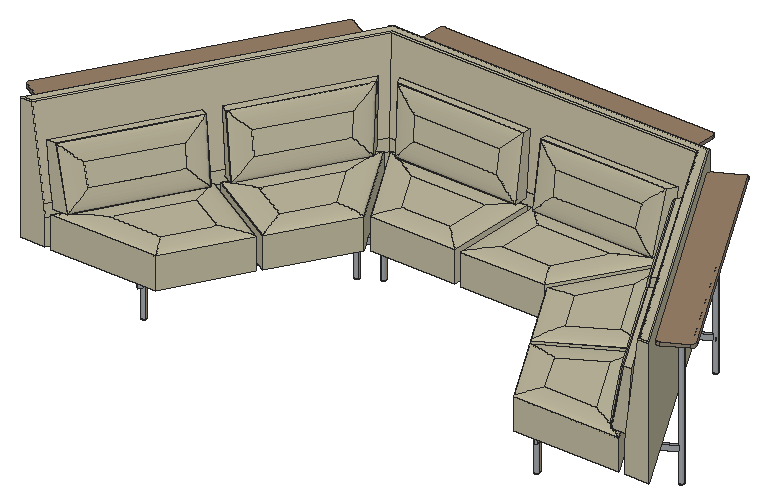
Revit family
Parameters
  URL = "http://www.martinbrattrud.com"
  Table Top [instance] = none
  SCS Certified Product = "Yes"
  Model = "Reveal 983-173 AS"
  Manufacturer = "Martin Brattrud, Inc."
  Leg = none
  Keynote = "125000"
  Copyright = "© 2013 Martin Brattrud, Inc."
  Chair [instance] = none
  Back Cushion [instance] = none
  Authoring Version = "Revit Architecture 2010"
  Assembly Code = "E2020200"
Reference planes
  plane 1 "Center Front/Back": y = 0
  plane 2: z = 0
  plane 3 "Center Left/Right": x = 0
  plane 4: z = 0
  plane 5: z = 1060.45
Forms (mm)
  Sweep 1, solid, material <- "Chair"
    path in 3D
      loop
        line (-19.05, -390.525, 431.8) -> (-19.05, 212.725, 431.8) -> (-926.137, 212.725, 431.8) -> (-577.85, -390.525, 431.8) -> (-19.05, -390.525, 431.8)
    profile origin (-298.45, -390.525, 431.8) x (0, 1, 0) y (0, 0, 1)
      loop
        line (153.194, 0) -> (153.194, 19.05)
        spline (153.194, 19.05) -> (133.302, 18.887) -> (113.75, 18.401) -> (94.873, 17.6) -> (76.994, 16.498) -> (60.419, 15.113) -> (45.431, 13.47) -> (32.287, 11.597) -> (21.211, 9.525) -> (12.395, 7.29) -> (5.987, 4.931) -> (2.098, 2.487) -> (0.794, 0)
        line (0.794, 0) -> (153.194, 0)
  Extrusion 2, void
    sketch origin (0, -938.609, 558.8) x (0, 1, 0) y (0, 0, 1)
      loop
        line (-471.831, 501.65) -> (-471.037, 501.65)
        arc (-471.037, 501.65) -> (-469.178, 506.14) -> (-464.687, 508) r 6.35
        line (-464.687, 508) -> (-464.687, 514.35) -> (-560.731, 514.35) -> (-560.731, -330.2) -> (-471.831, -330.2) -> (-471.831, 501.65)
    from -2133.6 to 2133.6
  Extrusion 3, solid, material <- "Leg"
    sketch origin (0, 0, 0) x (1, 0, 0) y (0, 1, 0)
      loop
        line (-603.25, 494.783) -> (-603.25, 146.05) -> (-909.639, 146.05) -> (-1062.833, -119.29) -> (-1365.293, 55.335) -> (-1374.818, 38.837) -> (-1072.358, -135.788) -> (-1656.558, -1147.652) -> (-1959.018, -973.027) -> (-1968.543, -989.525) -> (-1319.63, -1364.175) -> (-1333.917, -1388.922) -> (-1317.419, -1398.447) -> (-667.671, -273.05) -> (667.671, -273.05) -> (1317.419, -1398.447) -> (1333.917, -1388.922) -> (1319.63, -1364.175) -> (1968.543, -989.525) -> (1959.018, -973.027) -> (1656.558, -1147.652) -> (1072.358, -135.788) -> (1374.818, 38.837) -> (1365.293, 55.335) -> (1062.833, -119.29) -> (909.639, 146.05) -> (603.25, 146.05) -> (603.25, 494.783) -> (584.2, 494.783) -> (584.2, 146.05) -> (-584.2, 146.05) -> (-584.2, 494.783) -> (-603.25, 494.783)
      loop
        line (-584.2, -254) -> (-127, -254) -> (-127, 127) -> (-584.2, 127) -> (-584.2, -254)
      loop
        line (-603.25, -254) -> (-603.25, 127) -> (-898.64, 127) -> (-1046.335, -128.815) -> (-716.38, -319.315) -> (-678.67, -254) -> (-603.25, -254)
      loop
        line (-107.95, 127) -> (-107.95, -254) -> (107.95, -254) -> (107.95, 127) -> (-107.95, 127)
      loop
        line (584.2, -254) -> (584.2, 127) -> (127, 127) -> (127, -254) -> (584.2, -254)
      loop
        line (-725.905, -335.813) -> (-1055.86, -145.313) -> (-1284.46, -541.26) -> (-954.505, -731.76) -> (-725.905, -335.813)
      loop
        line (-1401.935, -744.733) -> (-1071.98, -935.233) -> (-964.03, -748.258) -> (-1293.985, -557.758) -> (-1401.935, -744.733)
      loop
        line (-1081.505, -951.731) -> (-1411.46, -761.231) -> (-1640.06, -1157.177) -> (-1310.105, -1347.677) -> (-1081.505, -951.731)
      loop
        line (603.25, -254) -> (678.67, -254) -> (716.38, -319.315) -> (1046.335, -128.815) -> (898.64, 127) -> (603.25, 127) -> (603.25, -254)
      loop
        line (725.905, -335.813) -> (954.505, -731.76) -> (1284.46, -541.26) -> (1055.86, -145.313) -> (725.905, -335.813)
      loop
        line (1401.935, -744.733) -> (1293.985, -557.758) -> (964.03, -748.258) -> (1071.98, -935.233) -> (1401.935, -744.733)
      loop
        line (1081.505, -951.731) -> (1310.105, -1347.677) -> (1640.06, -1157.177) -> (1411.46, -761.231) -> (1081.505, -951.731)
    from 190.472 to 228.6
  Extrusion 4, solid, material <- "Leg"
    sketch origin (0, 0, 0) x (1, 0, 0) y (0, 1, 0)
      loop
        line (-584.2, 276.225) -> (584.2, 276.225) -> (584.2, 352.425) -> (-584.2, 352.425) -> (-584.2, 276.225)
      loop
        line (-1769.293, -1082.565) -> (-1185.093, -70.701) -> (-1251.084, -32.601) -> (-1835.284, -1044.465) -> (-1769.293, -1082.565)
      loop
        line (1769.293, -1082.565) -> (1835.284, -1044.465) -> (1251.084, -32.601) -> (1185.093, -70.701) -> (1769.293, -1082.565)
    from 203.2 to 228.6
  Sweep 5, solid, material <- "Chair"
    path origin (0, 0, 0) x (1, 0, 0) y (0, 1, 0)
      loop
        line (2090.574, -1410.441) -> (1050.786, 390.525) -> (-1050.786, 390.525) -> (-2090.574, -1410.441)
    profile origin (0, 390.525, 0) x (0, -1, 0) y (0, 0, 1)
      loop
        line (0, 1060.45) -> (0, 228.6) -> (139.7, 228.6) -> (139.7, 401.904)
        arc (139.7, 401.904) -> (138.491, 441.381) -> (134.868, 480.71) r 645.001
        line (134.868, 480.71) -> (63.5, 1060.45) -> (0, 1060.45)
  Extrusion 6, solid, material <- "Chair"
    sketch origin (0, 0, 0) x (1, 0, 0) y (0, 1, 0)
      loop
        line (-1431.725, -624.881) -> (-1885.269, -1410.441) -> (-1188.696, -1410.441) -> (-909.296, -926.506) -> (-1431.725, -624.881)
      loop
        line (-610.846, -409.575) -> (-959.132, 193.675) -> (-1412.675, -591.885) -> (-890.246, -893.51) -> (-610.846, -409.575)
      loop
        line (-926.137, 212.725) -> (-577.85, -390.525) -> (-19.05, -390.525) -> (-19.05, 212.725) -> (-926.137, 212.725)
      loop
        line (1431.725, -624.881) -> (909.296, -926.506) -> (1188.696, -1410.441) -> (1885.269, -1410.441) -> (1431.725, -624.881)
      loop
        line (610.846, -409.575) -> (890.246, -893.51) -> (1412.675, -591.885) -> (959.132, 193.675) -> (610.846, -409.575)
      loop
        line (926.137, 212.725) -> (19.05, 212.725) -> (19.05, -390.525) -> (577.85, -390.525) -> (926.137, 212.725)
    from 228.6 to 431.8
  Extrusion 7, solid, material <- "Chair"
    sketch origin (0, 0, 0) x (1, 0, 0) y (0, 1, 0)
      loop
        line (-660.797, 59.531) -> (-489.404, -237.331) -> (-172.244, -237.331) -> (-172.244, 59.531) -> (-660.797, 59.531)
    from 431.8 to 450.85
  Sweep 8, solid, material <- "Chair"
    path in 3D
      loop
        line (19.05, -390.525, 431.8) -> (19.05, 212.725, 431.8) -> (926.137, 212.725, 431.8) -> (577.85, -390.525, 431.8) -> (19.05, -390.525, 431.8)
    profile origin (298.45, -390.525, 431.8) x (0, -1, 0) y (0, 0, 1)
      loop
        line (-153.194, 0) -> (-0.794, 0)
        spline (-0.794, 0) -> (-2.098, 2.487) -> (-5.987, 4.931) -> (-12.395, 7.29) -> (-21.211, 9.525) -> (-32.287, 11.597) -> (-45.431, 13.47) -> (-60.419, 15.113) -> (-76.994, 16.498) -> (-94.873, 17.6) -> (-113.75, 18.401) -> (-133.302, 18.887) -> (-153.194, 19.05)
        line (-153.194, 19.05) -> (-153.194, 0)
  Extrusion 9, solid, material <- "Chair"
    sketch origin (0, 0, 0) x (-1, 0, 0) y (0, -1, 0)
      loop
        line (-660.797, -59.531) -> (-172.244, -59.531) -> (-172.244, 237.331) -> (-489.404, 237.331) -> (-660.797, -59.531)
    from 431.8 to 450.85
  Sweep 10, solid, material <- "Chair"
    path in 3D
      loop
        line (-909.296, -926.506, 431.8) -> (-1431.725, -624.881, 431.8) -> (-1885.269, -1410.441, 431.8) -> (-1188.696, -1410.441, 431.8) -> (-909.296, -926.506, 431.8)
    profile origin (-1048.996, -1168.473, 431.8) x (-0.866025, 0.5, 0) y (0, 0, 1)
      loop
        line (153.194, 0) -> (153.194, 19.05)
        spline (153.194, 19.05) -> (133.302, 18.887) -> (113.75, 18.401) -> (94.873, 17.6) -> (76.994, 16.498) -> (60.419, 15.113) -> (45.431, 13.47) -> (32.287, 11.597) -> (21.211, 9.525) -> (12.395, 7.29) -> (5.987, 4.931) -> (2.098, 2.487) -> (0.794, 0)
        line (0.794, 0) -> (153.194, 0)
  Extrusion 11, solid, material <- "Chair"
    sketch origin (-1237.975, -714.745, 0) x (0.5, 0.866025, 0) y (-0.866025, 0.5, 0)
      loop
        line (-660.797, 59.531) -> (-489.404, -237.331) -> (-172.244, -237.331) -> (-172.244, 59.531) -> (-660.797, 59.531)
    from 431.8 to 450.85
  Sweep 12, solid, material <- "Chair"
    path in 3D
      loop
        line (-890.246, -893.51, 431.8) -> (-1412.675, -591.885, 431.8) -> (-959.132, 193.675, 431.8) -> (-610.846, -409.575, 431.8) -> (-890.246, -893.51, 431.8)
    profile origin (-750.546, -651.542, 431.8) x (0.866025, -0.5, 0) y (0, 0, 1)
      loop
        line (-153.194, 0) -> (-0.794, 0)
        spline (-0.794, 0) -> (-2.098, 2.487) -> (-5.987, 4.931) -> (-12.395, 7.29) -> (-21.211, 9.525) -> (-32.287, 11.597) -> (-45.431, 13.47) -> (-60.419, 15.113) -> (-76.994, 16.498) -> (-94.873, 17.6) -> (-113.75, 18.401) -> (-133.302, 18.887) -> (-153.194, 19.05)
        line (-153.194, 19.05) -> (-153.194, 0)
  Extrusion 13, solid, material <- "Chair"
    sketch origin (-1237.975, -714.745, 0) x (-0.5, -0.866025, 0) y (0.866025, -0.5, 0)
      loop
        line (-660.797, -59.531) -> (-172.244, -59.531) -> (-172.244, 237.331) -> (-489.404, 237.331) -> (-660.797, -59.531)
    from 431.8 to 450.85
  Sweep 14, solid, material <- "Chair"
    path in 3D
      loop
        line (909.296, -926.506, 431.8) -> (1431.725, -624.881, 431.8) -> (1885.269, -1410.441, 431.8) -> (1188.696, -1410.441, 431.8) -> (909.296, -926.506, 431.8)
    profile origin (1048.996, -1168.473, 431.8) x (-0.866025, -0.5, 0) y (0, 0, 1)
      loop
        line (-153.194, 0) -> (-0.794, 0)
        spline (-0.794, 0) -> (-2.098, 2.487) -> (-5.987, 4.931) -> (-12.395, 7.29) -> (-21.211, 9.525) -> (-32.287, 11.597) -> (-45.431, 13.47) -> (-60.419, 15.113) -> (-76.994, 16.498) -> (-94.873, 17.6) -> (-113.75, 18.401) -> (-133.302, 18.887) -> (-153.194, 19.05)
        line (-153.194, 19.05) -> (-153.194, 0)
  Extrusion 15, solid, material <- "Chair"
    sketch origin (1237.975, -714.745, 0) x (-0.5, 0.866025, 0) y (-0.866025, -0.5, 0)
      loop
        line (-660.797, -59.531) -> (-172.244, -59.531) -> (-172.244, 237.331) -> (-489.404, 237.331) -> (-660.797, -59.531)
    from 431.8 to 450.85
  Sweep 16, solid, material <- "Chair"
    path in 3D
      loop
        line (890.246, -893.51, 431.8) -> (1412.675, -591.885, 431.8) -> (959.132, 193.675, 431.8) -> (610.846, -409.575, 431.8) -> (890.246, -893.51, 431.8)
    profile origin (750.546, -651.542, 431.8) x (0.866025, 0.5, 0) y (0, 0, 1)
      loop
        line (153.194, 0) -> (153.194, 19.05)
        spline (153.194, 19.05) -> (133.302, 18.887) -> (113.75, 18.401) -> (94.873, 17.6) -> (76.994, 16.498) -> (60.419, 15.113) -> (45.431, 13.47) -> (32.287, 11.597) -> (21.211, 9.525) -> (12.395, 7.29) -> (5.987, 4.931) -> (2.098, 2.487) -> (0.794, 0)
        line (0.794, 0) -> (153.194, 0)
  Extrusion 17, solid, material <- "Chair"
    sketch origin (1237.975, -714.745, 0) x (0.5, -0.866025, 0) y (0.866025, 0.5, 0)
      loop
        line (-660.797, 59.531) -> (-489.404, -237.331) -> (-172.244, -237.331) -> (-172.244, 59.531) -> (-660.797, 59.531)
    from 431.8 to 450.85
  Sweep 18, solid, material <- "Chair"
    path origin (0, 0, 0) x (1, 0, 0) y (0, 1, 0)
      loop
        line (-1965.11, -1372.341) -> (-999.053, 300.919) -> (999.053, 300.919) -> (1965.11, -1372.341)
    profile origin (0, 300.919, 0) x (0, 1, 0) y (0, 0, 1)
      loop
        line (-48.848, 447.17) -> (-16.628, 844.552) -> (-67.428, 844.552) -> (-136.165, 447.17) -> (-48.848, 447.17)
  Extrusion 19, void
    sketch origin (0, 0, 0) x (1, 0, 0) y (0, 1, 0)
      loop
        line (-1527.154, -613.779) -> (-1401.282, -686.451) -> (-1344.132, -587.464) -> (-1470.004, -514.792) -> (-1527.154, -613.779)
      loop
        line (-930.152, 67.28) -> (-831.165, 124.43) -> (-950.632, 331.352) -> (-1049.618, 274.202) -> (-930.152, 67.28)
      loop
        line (-1797.28, -1372.341) -> (-1968.73, -1372.341) -> (-1968.73, -1467.591) -> (-1797.28, -1467.591) -> (-1797.28, -1372.341)
      loop
        line (1527.154, -613.779) -> (1470.004, -514.792) -> (1344.132, -587.464) -> (1401.282, -686.451) -> (1527.154, -613.779)
      loop
        line (930.152, 67.28) -> (1049.618, 274.202) -> (950.632, 331.352) -> (831.165, 124.43) -> (930.152, 67.28)
      loop
        line (1797.28, -1372.341) -> (1797.28, -1467.591) -> (1968.73, -1467.591) -> (1968.73, -1372.341) -> (1797.28, -1372.341)
      loop
        line (-57.15, 300.919) -> (-57.15, 155.575) -> (57.15, 155.575) -> (57.15, 300.919) -> (-57.15, 300.919)
    from 447.17 to 844.552
  Extrusion 20, solid, material <- "Table Top"
    sketch origin (0, 0, 0) x (1, 0, 0) y (0, 1, 0)
      loop
        line (-1331.241, 361.964) -> (-2217.066, -1172.33)
        arc (-2217.066, -1172.33) -> (-2219.603, -1191.604) -> (-2207.769, -1207.027) r 25.4
        line (-2207.769, -1207.027) -> (-2064.788, -1289.577)
        arc (-2064.788, -1289.577) -> (-2045.514, -1292.114) -> (-2030.091, -1280.28) r 25.4
        line (-2030.091, -1280.28) -> (-1144.266, 254.014)
        arc (-1144.266, 254.014) -> (-1141.728, 273.288) -> (-1153.563, 288.711) r 25.4
        line (-1153.563, 288.711) -> (-1296.544, 371.261)
        arc (-1296.544, 371.261) -> (-1315.818, 373.799) -> (-1331.241, 361.964) r 25.4
      loop
        line (885.825, 619.125) -> (-885.825, 619.125)
        arc (-885.825, 619.125) -> (-903.786, 611.686) -> (-911.225, 593.725) r 25.4
        line (-911.225, 593.725) -> (-911.225, 428.625)
        arc (-911.225, 428.625) -> (-903.786, 410.664) -> (-885.825, 403.225) r 25.4
        line (-885.825, 403.225) -> (885.825, 403.225)
        arc (885.825, 403.225) -> (903.786, 410.664) -> (911.225, 428.625) r 25.4
        line (911.225, 428.625) -> (911.225, 593.725)
        arc (911.225, 593.725) -> (903.786, 611.686) -> (885.825, 619.125) r 25.4
      loop
        line (2217.066, -1172.33) -> (1331.241, 361.964)
        arc (1331.241, 361.964) -> (1315.818, 373.799) -> (1296.544, 371.261) r 25.4
        line (1296.544, 371.261) -> (1153.563, 288.711)
        arc (1153.563, 288.711) -> (1141.728, 273.288) -> (1144.266, 254.014) r 25.4
        line (1144.266, 254.014) -> (2030.091, -1280.28)
        arc (2030.091, -1280.28) -> (2045.514, -1292.114) -> (2064.788, -1289.577) r 25.4
        line (2064.788, -1289.577) -> (2207.769, -1207.027)
        arc (2207.769, -1207.027) -> (2219.603, -1191.604) -> (2217.066, -1172.33) r 25.4
    from 990.6 to 1009.65
  Sweep 21, solid, material <- "Chair"
    path in 3D
      loop
        line (-894.132, 233.491, 844.552) -> (-854.447, 164.755, 447.17) -> (-57.15, 164.755, 447.17) -> (-57.15, 233.491, 844.552) -> (-894.132, 233.491, 844.552)
    profile origin (-475.641, 233.491, 844.552) x (0, -1, 0) y (0, 0, 1)
      loop
        line (0.135, -0.782) -> (25.975, -150.17) -> (41.618, -147.464) -> (37.424, -123.218)
        spline (37.424, -123.218) -> (34.465, -106.907) -> (31.289, -90.921) -> (27.95, -75.534) -> (24.505, -61.01) -> (21.014, -47.596) -> (17.536, -35.522) -> (14.131, -24.995) -> (10.857, -16.195) -> (7.769, -9.273) -> (4.921, -4.346) -> (2.362, -1.5) -> (0.135, -0.782)
  Sweep 22, solid, material <- "Chair"
    path in 3D
      loop
        line (209.55, 190.73, 597.34) -> (209.55, 175.088, 600.046)
    profile origin (209.55, 182.909, 598.693) x (0, -0.170442, -0.985368) y (1, 0, 0)
      loop
        line (0, 0) -> (0, 506.758) -> (-98.483, 516.449) -> (-98.483, 0) -> (0, 0)
  Sweep 23, solid, material <- "Chair"
    path in 3D
      loop
        line (-1298.377, -437.905, 597.34) -> (-1284.83, -445.726, 600.046)
    profile origin (-1291.604, -441.815, 598.693) x (0.147607, -0.085221, -0.985368) y (0.5, 0.866025, 0)
      loop
        line (0, 0) -> (0, 506.758) -> (-98.483, 516.449) -> (-98.483, 0) -> (0, 0)
  Sweep 24, solid, material <- "Chair"
    path in 3D
      loop
        line (1284.83, -445.726, 600.046) -> (1298.377, -437.905, 597.34)
    profile origin (1291.604, -441.815, 598.693) x (-0.147607, -0.085221, -0.985368) y (-0.5, 0.866025, 0)
      loop
        line (0, 0) -> (0, 506.758) -> (-98.483, 516.449) -> (-98.483, 0) -> (0, 0)
  Sweep 25, solid, material <- "Chair"
    path in 3D
      loop
        line (-209.55, 190.73, 597.34) -> (-209.55, 175.088, 600.046)
    profile origin (-209.55, 182.909, 598.693) x (0, 0.170442, 0.985368) y (-1, 0, 0)
      loop
        line (0, 0) -> (98.483, 0) -> (98.483, 516.449) -> (0, 506.758) -> (0, 0)
  Sweep 26, solid, material <- "Chair"
    path in 3D
      loop
        line (-1507.927, -800.856, 597.34) -> (-1494.38, -808.677, 600.046)
    profile origin (-1501.154, -804.766, 598.693) x (0, 0.326935, 0.945047) y (-0.521333, -0.806459, 0.278991)
      loop
        line (0, 0) -> (94.453, 27.884) -> (-51.772, 523.2) -> (-143.48, 486.021) -> (0, 0)
  Sweep 27, solid, material <- "Chair"
    path in 3D
      loop
        line (1507.927, -800.856, 597.34) -> (1494.38, -808.677, 600.046)
    profile origin (1501.154, -804.766, 598.693) x (0, -0.326935, -0.945047) y (0.521333, -0.806459, 0.278991)
      loop
        line (0, 0) -> (143.48, 486.021) -> (51.772, 523.2) -> (-94.453, 27.884) -> (0, 0)
  Extrusion 28, solid, material <- "Leg"
    sketch origin (0, 0, 0) x (1, 0, 0) y (0, 1, 0)
      loop
        line (603.25, 492.125) -> (584.2, 492.125) -> (584.2, 389.64) -> (603.25, 389.64) -> (603.25, 492.125)
      loop
        line (-603.25, 492.125) -> (-603.25, 389.64) -> (-584.2, 389.64) -> (-584.2, 492.125) -> (-603.25, 492.125)
      loop
        line (-1362.543, 53.747) -> (-1372.068, 37.249) -> (-1283.313, -13.993) -> (-1273.788, 2.504) -> (-1362.543, 53.747)
      loop
        line (-1965.793, -991.113) -> (-1877.038, -1042.355) -> (-1867.513, -1025.858) -> (-1956.268, -974.615) -> (-1965.793, -991.113)
      loop
        line (1362.543, 53.747) -> (1273.788, 2.504) -> (1283.313, -13.993) -> (1372.068, 37.249) -> (1362.543, 53.747)
      loop
        line (1965.793, -991.113) -> (1956.268, -974.615) -> (1867.513, -1025.858) -> (1877.038, -1042.355) -> (1965.793, -991.113)
    from 949.325 to 987.425
  Extrusion 29, solid, material <- "Leg"
    sketch origin (0, 0, 0) x (1, 0, 0) y (0, 1, 0)
      loop
        line (885.825, 593.725) -> (-885.825, 593.725) -> (-885.825, 428.625) -> (885.825, 428.625) -> (885.825, 593.725)
      loop
        line (-1309.244, 349.264) -> (-2195.069, -1185.03) -> (-2052.088, -1267.58) -> (-1166.263, 266.714) -> (-1309.244, 349.264)
      loop
        line (1309.244, 349.264) -> (1166.263, 266.714) -> (2052.088, -1267.58) -> (2195.069, -1185.03) -> (1309.244, 349.264)
    from 987.434 to 990.609
  Sweep 30, solid, material <- "Chair"
    path in 3D
      loop
        line (894.132, 233.491, 844.552) -> (854.447, 164.755, 447.17) -> (57.15, 164.755, 447.17) -> (57.15, 233.491, 844.552) -> (894.132, 233.491, 844.552)
    profile origin (475.641, 233.491, 844.552) x (0, 1, 0) y (0, 0, 1)
      loop
        spline (-0.135, -0.782) -> (-2.362, -1.5) -> (-4.921, -4.346) -> (-7.769, -9.273) -> (-10.857, -16.195) -> (-14.131, -24.995) -> (-17.536, -35.522) -> (-21.014, -47.596) -> (-24.505, -61.01) -> (-27.95, -75.534) -> (-31.289, -90.921) -> (-34.465, -106.907) -> (-37.424, -123.218)
        line (-37.424, -123.218) -> (-41.618, -147.464) -> (-25.975, -150.17) -> (-0.135, -0.782)
  Sweep 31, solid, material <- "Chair"
    path in 3D
      loop
        line (-1887.25, -1372.341, 844.552) -> (-1807.881, -1372.341, 447.17) -> (-1409.232, -681.861, 447.17) -> (-1468.759, -647.493, 844.552) -> (-1887.25, -1372.341, 844.552)
    profile origin (-1678.005, -1009.917, 844.552) x (0.866025, -0.5, 0) y (0, 0, 1)
      loop
        line (0.135, -0.782) -> (25.975, -150.17) -> (41.618, -147.464) -> (37.424, -123.218)
        spline (37.424, -123.218) -> (34.465, -106.907) -> (31.289, -90.921) -> (27.95, -75.534) -> (24.505, -61.01) -> (21.014, -47.596) -> (17.536, -35.522) -> (14.131, -24.995) -> (10.857, -16.195) -> (7.769, -9.273) -> (4.921, -4.346) -> (2.362, -1.5) -> (0.135, -0.782)
  Sweep 32, solid, material <- "Chair"
    path in 3D
      loop
        line (-993.119, 176.341, 844.552) -> (-953.434, 107.605, 447.17) -> (-1352.082, -582.874, 447.17) -> (-1411.609, -548.506, 844.552) -> (-993.119, 176.341, 844.552)
    profile origin (-1202.364, -186.083, 844.552) x (-0.866025, 0.5, 0) y (0, 0, 1)
      loop
        spline (-0.135, -0.782) -> (-2.362, -1.5) -> (-4.921, -4.346) -> (-7.769, -9.273) -> (-10.857, -16.195) -> (-14.131, -24.995) -> (-17.536, -35.522) -> (-21.014, -47.596) -> (-24.505, -61.01) -> (-27.95, -75.534) -> (-31.289, -90.921) -> (-34.465, -106.907) -> (-37.424, -123.218)
        line (-37.424, -123.218) -> (-41.618, -147.464) -> (-25.975, -150.17) -> (-0.135, -0.782)
  Sweep 33, solid, material <- "Chair"
    path in 3D
      loop
        line (993.119, 176.341, 844.552) -> (953.434, 107.605, 447.17) -> (1352.082, -582.874, 447.17) -> (1411.609, -548.506, 844.552) -> (993.119, 176.341, 844.552)
    profile origin (1202.364, -186.083, 844.552) x (-0.866025, -0.5, 0) y (0, 0, 1)
      loop
        line (0.135, -0.782) -> (25.975, -150.17) -> (41.618, -147.464) -> (37.424, -123.218)
        spline (37.424, -123.218) -> (34.465, -106.907) -> (31.289, -90.921) -> (27.95, -75.534) -> (24.505, -61.01) -> (21.014, -47.596) -> (17.536, -35.522) -> (14.131, -24.995) -> (10.857, -16.195) -> (7.769, -9.273) -> (4.921, -4.346) -> (2.362, -1.5) -> (0.135, -0.782)
  Sweep 34, solid, material <- "Chair"
    path in 3D
      loop
        line (1887.25, -1372.341, 844.552) -> (1807.881, -1372.341, 447.17) -> (1409.232, -681.861, 447.17) -> (1468.759, -647.493, 844.552) -> (1887.25, -1372.341, 844.552)
    profile origin (1678.005, -1009.917, 844.552) x (0.866025, 0.5, 0) y (0, 0, 1)
      loop
        spline (-0.135, -0.782) -> (-2.362, -1.5) -> (-4.921, -4.346) -> (-7.769, -9.273) -> (-10.857, -16.195) -> (-14.131, -24.995) -> (-17.536, -35.522) -> (-21.014, -47.596) -> (-24.505, -61.01) -> (-27.95, -75.534) -> (-31.289, -90.921) -> (-34.465, -106.907) -> (-37.424, -123.218)
        line (-37.424, -123.218) -> (-41.618, -147.464) -> (-25.975, -150.17) -> (-0.135, -0.782)
  Sweep 35, solid, material <- "Chair"
    path in 3D
      loop
        line (2035.136, -1442.448, 1060.45) -> (1013.827, 326.51, 1060.45) -> (-1013.827, 326.51, 1060.45) -> (-2035.136, -1442.448, 1060.45)
    profile origin (0, 326.51, 1060.45) x (0, -1, 0) y (0, 0, 1)
      loop
        line (-7.144, 6.35) -> (-56.78, 6.35)
        arc (-56.78, 6.35) -> (-61.27, 4.49) -> (-63.13, 0) r 6.35
        line (-63.13, 0) -> (-0.794, 0)
        arc (-0.794, 0) -> (-2.654, 4.49) -> (-7.144, 6.35) r 6.35
Cuts and joins
  Extrusion 2 cuts Sweep 5
  Extrusion 19 cuts Sweep 18
  joined: Sweep 14, Extrusion 15
  joined: Sweep 16, Extrusion 17
  joined: Sweep 8, Extrusion 9
  joined: Sweep 1, Extrusion 7
  joined: Sweep 12, Extrusion 13
  joined: Sweep 10, Extrusion 11
  joined: Sweep 26, Sweep 31
  joined: Sweep 23, Sweep 32
  joined: Sweep 21, Sweep 25
  joined: Sweep 22, Sweep 30
  joined: Sweep 24, Sweep 33
  joined: Sweep 27, Sweep 34
  Extrusion 2 cuts Sweep 35
Lines and regions (mm)
  sketch lines
    curve 1: line (-577.85, -390.525, 431.8) -> (-19.05, -390.525, 431.8)
    curve 2: line (-926.137, 212.725, 431.8) -> (-577.85, -390.525, 431.8)
    curve 3: line (-19.05, 212.725, 431.8) -> (-926.137, 212.725, 431.8)
    curve 4: line (-19.05, -390.525, 431.8) -> (-19.05, 212.725, 431.8)
    curve 5: line (577.85, -390.525, 431.8) -> (19.05, -390.525, 431.8)
    curve 6: line (926.137, 212.725, 431.8) -> (577.85, -390.525, 431.8)
    curve 7: line (19.05, 212.725, 431.8) -> (926.137, 212.725, 431.8)
    curve 8: line (19.05, -390.525, 431.8) -> (19.05, 212.725, 431.8)
    curve 9: line (-1188.696, -1410.441, 431.8) -> (-909.296, -926.506, 431.8)
    curve 10: line (-1885.269, -1410.441, 431.8) -> (-1188.696, -1410.441, 431.8)
    curve 11: line (-1431.725, -624.881, 431.8) -> (-1885.269, -1410.441, 431.8)
    curve 12: line (-909.296, -926.506, 431.8) -> (-1431.725, -624.881, 431.8)
    curve 13: line (-610.846, -409.575, 431.8) -> (-890.246, -893.51, 431.8)
    curve 14: line (-959.132, 193.675, 431.8) -> (-610.846, -409.575, 431.8)
    curve 15: line (-1412.675, -591.885, 431.8) -> (-959.132, 193.675, 431.8)
    curve 16: line (-890.246, -893.51, 431.8) -> (-1412.675, -591.885, 431.8)
    curve 17: line (1188.696, -1410.441, 431.8) -> (909.296, -926.506, 431.8)
    curve 18: line (1885.269, -1410.441, 431.8) -> (1188.696, -1410.441, 431.8)
    curve 19: line (1431.725, -624.881, 431.8) -> (1885.269, -1410.441, 431.8)
    curve 20: line (909.296, -926.506, 431.8) -> (1431.725, -624.881, 431.8)
    curve 21: line (610.846, -409.575, 431.8) -> (890.246, -893.51, 431.8)
    curve 22: line (959.132, 193.675, 431.8) -> (610.846, -409.575, 431.8)
    curve 23: line (1412.675, -591.885, 431.8) -> (959.132, 193.675, 431.8)
    curve 24: line (890.246, -893.51, 431.8) -> (1412.675, -591.885, 431.8)
    curve 25: line (-57.15, 233.491, 844.552) -> (-894.132, 233.491, 844.552)
    curve 26: line (-854.447, 164.755, 447.17) -> (-894.132, 233.491, 844.552)
    curve 27: line (-57.15, 164.755, 447.17) -> (-854.447, 164.755, 447.17)
    curve 28: line (-57.15, 233.491, 844.552) -> (-57.15, 164.755, 447.17)
    curve 29: line (209.55, 190.73, 597.34) -> (209.55, 175.088, 600.046)
    curve 30: line (-1298.377, -437.905, 597.34) -> (-1284.83, -445.726, 600.046)
    curve 31: line (1284.83, -445.726, 600.046) -> (1298.377, -437.905, 597.34)
    curve 32: line (-209.55, 190.73, 597.34) -> (-209.55, 175.088, 600.046)
    curve 33: line (-1507.927, -800.856, 597.34) -> (-1494.38, -808.677, 600.046)
    curve 34: line (1507.927, -800.856, 597.34) -> (1494.38, -808.677, 600.046)
    curve 35: line (57.15, 233.491, 844.552) -> (894.132, 233.491, 844.552)
    curve 36: line (854.447, 164.755, 447.17) -> (894.132, 233.491, 844.552)
    curve 37: line (57.15, 164.755, 447.17) -> (854.447, 164.755, 447.17)
    curve 38: line (57.15, 233.491, 844.552) -> (57.15, 164.755, 447.17)
    curve 39: line (-1468.759, -647.493, 844.552) -> (-1887.25, -1372.341, 844.552)
    curve 40: line (-1807.881, -1372.341, 447.17) -> (-1887.25, -1372.341, 844.552)
    curve 41: line (-1409.232, -681.861, 447.17) -> (-1807.881, -1372.341, 447.17)
    curve 42: line (-1468.759, -647.493, 844.552) -> (-1409.232, -681.861, 447.17)
    curve 43: line (-1411.609, -548.506, 844.552) -> (-993.119, 176.341, 844.552)
    curve 44: line (-953.434, 107.605, 447.17) -> (-993.119, 176.341, 844.552)
    curve 45: line (-1352.082, -582.874, 447.17) -> (-953.434, 107.605, 447.17)
    curve 46: line (-1411.609, -548.506, 844.552) -> (-1352.082, -582.874, 447.17)
    curve 47: line (1411.609, -548.506, 844.552) -> (993.119, 176.341, 844.552)
    curve 48: line (953.434, 107.605, 447.17) -> (993.119, 176.341, 844.552)
    curve 49: line (1352.082, -582.874, 447.17) -> (953.434, 107.605, 447.17)
    curve 50: line (1411.609, -548.506, 844.552) -> (1352.082, -582.874, 447.17)
    curve 51: line (1468.759, -647.493, 844.552) -> (1887.25, -1372.341, 844.552)
    curve 52: line (1807.881, -1372.341, 447.17) -> (1887.25, -1372.341, 844.552)
    curve 53: line (1409.232, -681.861, 447.17) -> (1807.881, -1372.341, 447.17)
    curve 54: line (1468.759, -647.493, 844.552) -> (1409.232, -681.861, 447.17)
    curve 55: line (1013.827, 326.51, 1060.45) -> (-1013.827, 326.51, 1060.45)
    curve 56: line (-1013.827, 326.51, 1060.45) -> (-2035.136, -1442.448, 1060.45)
    curve 57: line (2035.136, -1442.448, 1060.45) -> (1013.827, 326.51, 1060.45)
Nested families
  nested 1: "Reveal Leg" at (593.677, -263.525, 0) x (-1, 0, 0) z (0, 0, 1), type "Reveal Leg"
  nested 2: "Reveal Leg LAFS" at (593.725, 495.3, 0), type "Reveal Leg"
  nested 3: "Reveal Leg LAFS" at (-593.725, 495.3, 0) x (-1, 0, 0) z (0, 0, 1), type "Reveal Leg"
  nested 4: "Reveal Leg LAFS" at (-1370.055, 47.086, 0) x (0.5, 0.866, 0) z (0, 0, 1), type "Reveal Leg"
  nested 5: "Reveal Leg LAFS" at (-1963.78, -981.276, 0) x (-0.5, -0.866, 0) z (0, 0, 1), type "Reveal Leg"
  nested 6: "Reveal Leg LAFS" at (1370.055, 47.086, 0) x (-0.5, 0.866, 0) z (0, 0, 1), type "Reveal Leg"
  nested 7: "Reveal Leg LAFS" at (1963.78, -981.276, 0) x (0.5, -0.866, 0) z (0, 0, 1), type "Reveal Leg"
  nested 8: "Reveal Leg" at (-593.677, -263.525, 0), type "Reveal Leg"
  nested 9: "Reveal Leg" at (-712.917, -332.368, 0) x (-0.5, -0.866, 0) z (0, 0, 1), type "Reveal Leg"
  nested 10: "Reveal Leg" at (-1306.594, -1360.647, 0) x (0.5, 0.866, 0) z (0, 0, 1), type "Reveal Leg"
  nested 11: "Reveal Leg" at (712.917, -332.368, 0) x (0.5, -0.866, 0) z (0, 0, 1), type "Reveal Leg"
  nested 12: "Reveal Leg" at (1306.594, -1360.647, 0) x (-0.5, 0.866, 0) z (0, 0, 1), type "Reveal Leg"
Definition of nested family "Reveal Leg"
  Parameters
    URL = "http://www.martinbrattrud.com"
    SCS Certified Product = ""
    Model = ""
    Leg = none
    Manufacturer = "Martin Brattrud, Inc."
    Keynote = "125000"
    Copyright = "© 2013 Martin Brattrud, Inc."
    Authoring Version = "Revit Architecture 2010"
    Assembly Code = "E2020200"
  Reference planes
    plane 1 "Center Front/Back": y = 0
    plane 2: z = 0
    plane 3 "Center Left/Right": x = 0
    plane 4: z = 228.6
  Forms (mm)
    Revolve 1, solid, material <- "Leg"
      sketch origin (0, 0, 0) x (0, 1, 0) y (0, 0, 1)
        loop
          line (0, 228.6) -> (-15.875, 228.6) -> (-15.875, 6.35) -> (-6.35, 6.35) -> (-6.35, 3.175) -> (-15.875, 3.175) -> (-15.875, 0) -> (0, 0) -> (0, 228.6)
        axis (0, 228.6) -> (0, 0)
      angle from 0 to 360
Definition of nested family "Reveal Leg LAFS"
  Parameters (values of type "Reveal Leg")
    URL = "http://www.martinbrattrud.com"
    SCS Certified Product = ""
    Model = ""
    Leg = none
    Manufacturer = "Martin Brattrud, Inc."
    Keynote = "125000"
    Copyright = "© 2013 Martin Brattrud, Inc."
    Authoring Version = "Revit Architecture 2010"
    Assembly Code = "E2020200"
  Reference planes
    plane 1 "Center Front/Back": y = 0
    plane 2: z = 0
    plane 3 "Center Left/Right": x = 0
  Forms (mm)
    Revolve 1, solid, material <- "Leg"
      sketch origin (0, 0, 0) x (0, 1, 0) y (0, 0, 1)
        loop
          line (0, 987.425) -> (-15.875, 987.425) -> (-15.875, 6.35) -> (-6.35, 6.35) -> (-6.35, 3.175) -> (-15.875, 3.175) -> (-15.875, 0) -> (0, 0) -> (0, 987.425)
        axis (0, 987.425) -> (0, 0)
      angle from 0 to 360
